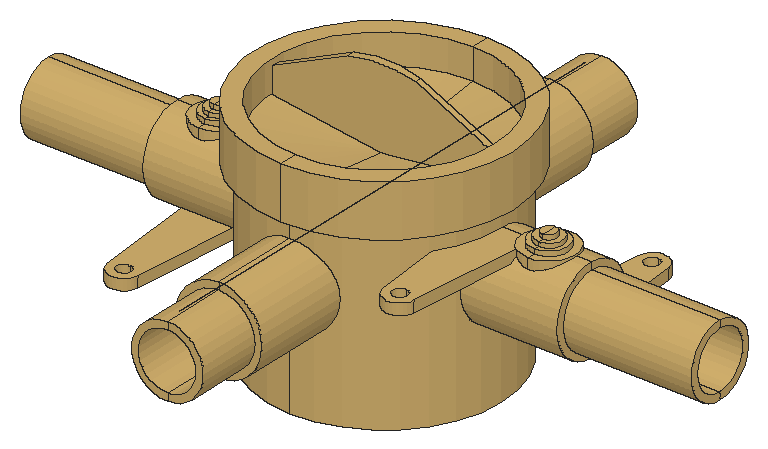
Revit family "Pressure_Balance_Rough_Valve-GROHE-35113000", category Plumbing Fixtures, host Face, Revit 2016
Family settings
  Host = Face
  Part Type = Normal
  Round Connector Dimension = Use Diameter
  OmniClass Number = 23.45.05.14.17
  OmniClass Title = Showers
  Cut with Voids When Loaded = Yes
  Shared = Yes
  Room Calculation Point = No
Parameters (values of type "GROHSAFE 3.0 - 35113000 1/2" Stub-out  Inlet/Outlet")
  Water Connection Diameter = 1/2"  # constant formula
  Waste Connection = no
  Warranty Information = ""
  WFU = 4  # constant formula
  Vent Connection = no
  URL = "www.grohe.ca"
  Type Comments = ""
  Specification = " 1/2in Stub-out inlets/outlets; Includes plug for 3-port installation; Universal connection is 1/2” male threads by copper sweat; Flush plug included; Can be tested using flush plug with air (200 psi) or water 300 psi; Made of DZR Brass; Service stops; Cartridge ships with the trim"  # constant formula
  Shower Outlet To Spout Outlet Width = 3 5/8"  # constant formula
  ScrewDriver Stop = yes
  Product Page URL = ""
  Product Documentation Link = ""
  Price = "Prices may vary. Please consult Manufacturer Representative for most up-to-date price list."  # constant formula
  Plaster Guard = yes
  Outlet to Wall = 2"
  Outlet to Outlet = 4 3/4"
  Outlet To Center = Shower Outlet To Spout Outlet Width / 2  # 1 13/16"
  Model = "35113000"  # constant formula
  Material = "DZR_Brass-Grohe"
  Manufacturer = "Grohe"  # constant formula
  Installation Type = "Wall Mounted"  # constant formula
  Inlet to Wall = 1"
  Inlet To Center = Hot Inlet To Cold Inlet Width / 2  # 2 15/16"
  Hot Inlet To Cold Inlet Width = 5 7/8"
  HWFU = 3  # constant formula
  HW Connection = yes
  Finish = DZR_Brass-Grohe
  Description = "Pressure Balance Valve Rough with Stub-Outs for Press-Fit Connect with Service Stops"  # constant formula
  Dept From Wall Face To Outlet = if(Outlet to Wall < 1 3/4", 1 3/4", if(Outlet to Wall > 2 3/4", 2 3/4", Outlet to Wall))  # 2"
  Dept From Wall Face To COFC = if(Inlet to Wall < 7/8", 7/8", if(Inlet to Wall > 2", 2", Inlet to Wall))  # 1"
  Default Elevation = 0"  # constant formula
  Creation Date = "03/20/2020"  # constant formula
  Connection Size = 1/2"  # constant formula
  Connection Outlet Description = "1/2\" Stub-out Connection Outlet"
  Connection HW Inlet Description = "1/2” Stub-out Connection Inlet"
  Connection CW Inlet Description = "1/2” Stub-out Connection Inlet"
  CWFU = 3  # constant formula
  CW Connection = yes
  Assembly Code = "D2020300"
Reference planes (in)
  plane 1 "Center (Front/Back)": y = -0.625
  plane 2: z = 0
  plane 3 "Center (Left/Right)": x = 0
  plane 4: z = -0.45494
  plane 5: y = -0.59375
  plane 6: y = -0.65625
  plane 7: y = -2.4375
  plane 8: y = 1.1875
  plane 9: z = -2
  plane 10: z = -1
  plane 11: x = 1.03125
  plane 12: x = -1.03125
  plane 13: x = 2.4375
  plane 14: x = -2.4375
  plane 15: z = -1.28125
Forms (in)
  Extrusion 1, solid
    sketch origin (0, 0, 0) x (1, 0, 0) y (0, 1, 0)
      loop
        line (-0.12634, -0.50696) -> (-0.12634, -0.76768) -> (0.16418, -0.76768) -> (0.16418, -0.50696) -> (-0.12634, -0.50696)
    from -0.69087 to -0.7969
  Revolve 2, solid, material "DZR_Brass-Grohe"
    sketch origin (0, 0, 0) x (0, 1, 0) y (0, 0, 1)
      loop
        line (0.40625, -2) -> (0.40625, -0.45494) -> (0.5046, -0.45494) -> (0.5046, 0) -> (0.34375, 0) -> (0.34375, -0.26863) -> (-0.625, -0.39363) -> (-0.625, -0.51744) -> (0.34375, -0.51744) -> (0.34375, -1.9375) -> (-0.625, -1.9375) -> (-0.625, -2) -> (0.40625, -2)
      axis (-0.625, 0) -> (-0.625, -2)
    angle from 0 to 360
  Extrusion 3, solid, material "DZR_Brass-Grohe"
    sketch origin (0, 1.1875, -0.72266) x (0, 1, 0) y (-1, 0, 0)
      loop
        line (-0.63558, 1.20343) -> (-1.8125, 1.31847) -> (-1.8125, 0.81724) -> (-0.63558, 0.93227)
        arc (-0.63558, 0.93227) -> (-0.5126, 1.06785) -> (-0.63558, 1.20343) r 0.13623
      loop
        circle (-0.64883, 1.06785) r 0.06518
      loop
        line (-2.98942, -1.20343) -> (-1.8125, -1.31847) -> (-1.8125, -0.81724) -> (-2.98942, -0.93227)
        arc (-2.98942, -0.93227) -> (-3.1124, -1.06785) -> (-2.98942, -1.20343) r 0.13623
      loop
        circle (-2.97617, -1.06785) r 0.06518
    from 0.00391 to 0.09918
  Extrusion 4, solid, material "DZR_Brass-Grohe", visible <- "Plaster Guard"
    sketch origin (0, -5.06165, -2.01731) x (0, -1, 0) y (1, 0, 0)
      loop
        arc (-3.25973, -1.48468) -> (-3.13676, -1.3491) -> (-3.25973, -1.21352) r 0.13623
        line (-3.25973, -1.21352) -> (-4.43665, -1.09849) -> (-4.43665, -1.59972) -> (-3.25973, -1.48468)
      loop
        circle (-3.27298, -1.3491) r 0.06518
      loop
        arc (-5.61357, 1.54718) -> (-5.73655, 1.4116) -> (-5.61357, 1.27602) r 0.13623
        line (-5.61357, 1.27602) -> (-4.43665, 1.16099) -> (-4.43665, 1.66222) -> (-5.61357, 1.54718)
      loop
        circle (-5.60032, 1.4116) r 0.06518
    from 0.64201 to 0.73606
  Extrusion 5, solid, material "DZR_Brass-Grohe"
    sketch origin (0, -0.625, 0) x (1, 0, 0) y (0, 0, 1)
      loop
        line (1.06785, -0.45494) -> (1.06785, -0.09479) -> (0.29629, 0.26499)
        arc (0.29629, 0.26499) -> (0, 0.30738) -> (-0.29629, 0.26499) r 1.05669
        line (-0.29629, 0.26499) -> (-1.06785, -0.09479) -> (-1.06785, -0.45494) -> (1.06785, -0.45494)
    from -0.03125 to 0.03125
  Revolve 6, solid, material "DZR_Brass-Grohe", visible <- "ScrewDriver Stop"
    sketch origin (-1.44285, -0.65886, 48.30811) x (0, -1, 0) y (0, 0, 1)
      loop
        line (-0.03386, -49.02686) -> (0.19474, -49.02686) -> (0.19474, -48.92634) -> (0.12322, -48.92634) -> (0.12322, -48.88633) -> (0.07947, -48.88633) -> (0.07947, -48.85147) -> (0.03078, -48.85147) -> (0.03078, -48.81592) -> (-0.03386, -48.81592) -> (-0.03386, -49.02686)
      axis (-0.03386, -49.02686) -> (-0.03386, -48.81592)
    angle from 0 to 360
  Revolve 7, solid, material "DZR_Brass-Grohe", visible <- "ScrewDriver Stop"
    sketch origin (1.44285, 2.2913, 48) x (0, 1, 0) y (0, 0, 1)
      loop
        line (-2.9163, -48.71875) -> (-2.9163, -48.50853) -> (-2.98094, -48.50853) -> (-2.98094, -48.54408) -> (-3.03483, -48.54408) -> (-3.03483, -48.57894) -> (-3.07858, -48.57894) -> (-3.07858, -48.61895) -> (-3.1501, -48.61895) -> (-3.1501, -48.71875) -> (-2.9163, -48.71875)
      axis (-2.9163, -48.71875) -> (-2.9163, -48.50853)
    angle from 0 to 360
  Revolve 8, solid, material "DZR_Brass-Grohe"
    sketch origin (0, -0.625, 0) x (1, 0, 0) y (0, 0, 1)
      loop
        line (2.9375, -0.75) -> (2.9375, -0.6875) -> (1.8125, -0.6875) -> (1.8125, -0.625) -> (-1.8125, -0.625) -> (-1.8125, -0.6875) -> (-2.9375, -0.6875) -> (-2.9375, -0.75) -> (2.9375, -0.75)
      axis (2.9375, -1) -> (-2.9375, -1)
    angle from 0 to 360
  Revolve 9, solid, material "DZR_Brass-Grohe"
    sketch origin (0, -0.625, 0) x (0, 1, 0) y (0, 0, 1)
      loop
        line (2.375, -0.75) -> (2.375, -0.6875) -> (1.8125, -0.6875) -> (1.8125, -0.625) -> (-1.8125, -0.625) -> (-1.8125, -0.6875) -> (-2.375, -0.6875) -> (-2.375, -0.75) -> (2.375, -0.75)
      axis (2.375, -1) -> (-2.375, -1)
    angle from 0 to 360
  Extrusion 10, void
    sketch origin (0, 1.1875, -0.72266) x (0, 1, 0) y (-1, 0, 0)
      loop
        circle (-1.8125, 0) r 2
    from -2.58468 to 0.72266
Cuts and joins
  joined: Extrusion 3, Extrusion 5
Lines and regions (in)
  Masking region 1
    outline origin (0, -0.625, 0) x (1, 0, 0) y (0, 0, 1)
      loop
        arc (0.29629, 0.26499) -> (0, 0.30738) -> (-0.29629, 0.26499) r 1.05669
        line (-0.29629, 0.26499) -> (-0.86457, 0) -> (-1.1296, 0) -> (-1.1296, -0.45494) -> (-1.03125, -0.45494) -> (-1.03125, -0.61895) -> (-1.28057, -0.61895) -> (-1.28057, -0.45494) -> (-1.6771, -0.45494) -> (-1.6771, -0.625) -> (-1.8125, -0.625) -> (-1.8125, -0.6875) -> (-2.9375, -0.6875) -> (-2.9375, -1.3125) -> (-1.8125, -1.3125) -> (-1.8125, -1.37572) -> (-1.03179, -1.37572) -> (-1.03179, -2.00439) -> (0, -2.00439) -> (1.03179, -2.00439) -> (1.03179, -1.37572) -> (1.8125, -1.37572) -> (1.8125, -1.3125) -> (2.9375, -1.3125) -> (2.9375, -0.6875) -> (1.8125, -0.6875) -> (1.8125, -0.625) -> (1.6771, -0.625) -> (1.6771, -0.45494) -> (1.28057, -0.45494) -> (1.28057, -0.61895) -> (1.03125, -0.61895) -> (1.03125, -0.45494) -> (1.1296, -0.45494) -> (1.1296, 0) -> (0.86457, 0) -> (0.29629, 0.26499)
  Masking region 2
    outline origin (0, 0, 0) x (0, 1, 0) y (0, 0, 1)
      loop
        line (0.5046, 0) -> (-0.59375, 0) -> (-0.59375, 0.30738) -> (-0.65625, 0.30738) -> (-0.65625, 0) -> (-1.7546, 0) -> (-1.7546, -0.45494) -> (-1.65625, -0.45494) -> (-1.65625, -0.62347) -> (-2.4375, -0.62347) -> (-2.4375, -0.6875) -> (-3, -0.6875) -> (-3, -1.3125) -> (-2.4375, -1.3125) -> (-2.4375, -1.3753) -> (-1.65625, -1.3753) -> (-1.65625, -2) -> (0.40625, -2) -> (0.40625, -1.3753) -> (1.1875, -1.3753) -> (1.1875, -1.3125) -> (1.75, -1.3125) -> (1.75, -0.6875) -> (1.1875, -0.6875) -> (1.1875, -0.62347) -> (0.40625, -0.62347) -> (0.40625, -0.45494) -> (0.5046, -0.45494) -> (0.5046, 0)
  symbolic lines, detail levels fine
    curve 1: line (0.86457, -0.625, 0) -> (-0.86457, -0.625, 0)
    curve 2: line (1.1296, -0.625, -0.45494) -> (0, -0.625, -0.45494)
    curve 3: line (0, -0.625, -0.45494) -> (-1.1296, -0.625, -0.45494)
    curve 4: circle (0, -0.625, -1) r 0.3125 normal (0, -1, 0)
    curve 5: circle (0, -0.625, -1) r 0.25 normal (0, -1, 0)
    curve 6: line (1.8125, -0.625, -0.625) -> (1.8125, -0.625, -1.375)
    curve 7: line (-1.8125, -0.625, -0.625) -> (-1.8125, -0.625, -1.375)
    curve 8: circle (0, -0.625, -1) r 0.375 normal (0, -1, 0)
    curve 9: line (0, 0.5046, -0.45494) -> (0, -1.7546, -0.45494)
    curve 10: circle (0, -0.625, -1) r 0.3125 normal (-1, 0, 0)
    curve 11: arc (0, -0.625, -0.75) -> (0, -0.375, -1) -> (0, -0.625, -1.25) r 0.25
    curve 12: circle (0, -0.625, -1) r 0.375 normal (-1, 0, 0)
    curve 13: line (0, -2.4375, -0.625) -> (0, -2.4375, -1.375)
    curve 14: line (0, 1.1875, -0.625) -> (0, 1.1875, -1.375)
    curve 15: circle (0, -0.625, -1) r 0.25 normal (-1, 0, 0)
Dimensions and locks (in)
  locked: Revolve 2 sketch curve to Revolve 2 sketch curve at 0.0625
  locked: cut or joined group of Extrusion 3, Extrusion 5 to cut or joined group of Extrusion 3, Extrusion 5 at 0.09528
  locked: Extrusion 4 to Extrusion 4 at 0.09405
  plane 4 to level = 0.45494"
  Revolve 6 sketch curve to Revolve 6 sketch curve to Revolve 6 sketch curve to Revolve 6 sketch curve = 0.03555" locked, 0.03486" locked, 0.04" locked
  Revolve 6 sketch curve to Revolve 6 sketch curve to Revolve 6 sketch curve to Revolve 6 sketch curve to Revolve 6 sketch curve = 0.06464" locked, 0.04869", 0.04375" locked, 0.07151" locked
  Revolve 7 sketch curve to Revolve 7 sketch curve to Revolve 7 sketch curve to Revolve 7 sketch curve to Revolve 7 sketch curve = 0.03555" locked, 0.03486" locked, 0.04" locked, 0.0998" locked
  Revolve 7 sketch curve to Revolve 7 sketch curve to Revolve 7 sketch curve to Revolve 7 sketch curve to Revolve 7 sketch curve = 0.06464" locked, 0.0539" locked, 0.04375" locked, 0.07151" locked
  Revolve 2 sketch curve to Revolve 2 sketch curve to Revolve 2 sketch curve to plane 1 "Center (Front/Back)" = 0.09835" locked, 1/16" locked, 31/32" locked
  Revolve 2 sketch curve to Revolve 2 sketch curve to Revolve 2 sketch curve = 1/16" locked, 0.45494"
  equal spacing: plane 8, plane 1 "Center (Front/Back)", plane 7
  Revolve 8 sketch curve to plane 13 = 5/8"
  plane 14 to Revolve 8 sketch curve = 5/8"
  locked: Revolve 8 sketch curve to Revolve 8 sketch curve at 0.0625
  locked: Revolve 9 sketch curve to Revolve 9 sketch curve at 0.0625
  "Dept From Wall Face To Outlet": level to plane 9
  "Dept From Wall Face To COFC": level to plane 10
  level to plane 10 = 1"
  plane 6 to plane 7 = 1 25/32"
  Extrusion 4 to Extrusion 4 = 0.09405"
  Revolve 7 sketch curve to Revolve 7 sketch curve = 0.21022"
  locked: plane 10 to plane 15 at 0.28125
  locked: cut or joined group of Extrusion 3, Extrusion 5 to plane 10 at 0.28125
  "Hot Inlet To Cold Inlet Width": Revolve 8 sketch curve to Revolve 8 sketch curve
  equal spacing: Revolve 8 sketch curve, plane 3 "Center (Left/Right)", Revolve 8 sketch curve
  "Outlet to Outlet": Revolve 9 sketch curve to Revolve 9 sketch curve
  equal spacing: Revolve 9 sketch curve, plane 1 "Center (Front/Back)", Revolve 9 sketch curve
  aligned and locked: plane 1 "Center (Front/Back)" to Revolve 2 sketch curve
  aligned and locked: Revolve 2 sketch curve to plane 1 "Center (Front/Back)"  (x2)
  aligned and locked: plane 1 "Center (Front/Back)" to Extrusion 3 sketch curve
  aligned and locked: Extrusion 5 to plane 5
  aligned and locked: Revolve 2 sketch curve to Revolve 2 sketch curve
  aligned and locked: Revolve 2 to curve 1
  aligned and locked: plane 10 to Revolve 8 sketch curve
  aligned and locked: Revolve 9 sketch curve to plane 10
  aligned and locked: Revolve 2 sketch curve to plane 9
  aligned and locked: plane 7 to Revolve 9 sketch curve
  aligned and locked: plane 4 to Revolve 2 sketch curve
  aligned and locked: Extrusion 4 to plane 15
  aligned and locked: Revolve 6 sketch curve to plane 1 "Center (Front/Back)"
  aligned and locked: plane 1 "Center (Front/Back)" to Revolve 6 sketch curve
  aligned and locked: Revolve 7 sketch curve to cut or joined group of Extrusion 3, Extrusion 5
  aligned and locked: cut or joined group of Extrusion 3, Extrusion 5 to Revolve 6 sketch curve
  aligned and locked: level to Extrusion 10
  aligned and locked: Revolve 6 to cut or joined group of Extrusion 3, Extrusion 5
  aligned and locked: Masking region 1 sketch curve to cut or joined group of Extrusion 3, Extrusion 5  (x2)
  aligned and locked: cut or joined group of Extrusion 3, Extrusion 5 to Masking region 1 sketch curve
  aligned and locked: Extrusion 10 to Masking region 1 sketch curve
  aligned and locked: Masking region 1 sketch curve to Revolve 7
  aligned and locked: curve 4 to Revolve 9
  aligned and locked: curve 5 to Revolve 9
  aligned and locked: curve 6 to Revolve 8
  aligned and locked: curve 7 to Revolve 8
  aligned and locked: curve 8 to Revolve 9
  aligned and locked: Masking region 1 sketch curve to Revolve 8  (x2)
  aligned and locked: Masking region 2 sketch curve to Revolve 2  (x7)
  aligned and locked: Masking region 2 sketch curve to Revolve 9  (x4)
  aligned and locked: Masking region 2 sketch curve to cut or joined group of Extrusion 3, Extrusion 5
  aligned and locked: Masking region 2 sketch curve to Extrusion 4
  aligned and locked: curve 9 to Revolve 2
  aligned and locked: curve 10 to Revolve 8
  aligned and locked: curve 11 to Revolve 8
  aligned and locked: curve 12 to Revolve 8
  aligned and locked: curve 13 to Revolve 9
  aligned and locked: curve 14 to Revolve 9
Automatic sketch dimensions
  Extrusion 1 sketch curve to Extrusion 1 sketch curve = 0.29052"
  Extrusion 1 sketch curve to Extrusion 1 sketch curve = 0.26072"
  Extrusion 3 sketch curve to Extrusion 3 sketch curve = 0"  (x4)
  plane 1 "Center (Front/Back)" to Extrusion 3 sketch curve = 0"
  Extrusion 3 sketch curve to plane 11 = 0.0366"
  plane 7 to Extrusion 3 sketch curve = 0.64883"
  Extrusion 3 sketch curve to plane 11 = 0.17218"
  Extrusion 3 sketch curve to Extrusion 3 sketch curve = 0.01325"  (x2)
  plane 11 to Extrusion 3 sketch curve = 0.09898"
  plane 12 to Extrusion 3 sketch curve = 0.0366"
  Extrusion 3 sketch curve to plane 8 = 0.64883"
  plane 12 to Extrusion 3 sketch curve = 0.17218"
  Extrusion 3 sketch curve to plane 12 = 0.09898"
  Extrusion 3 sketch curve to plane 11 = 0.28722"
  plane 11 to Extrusion 3 sketch curve = 0.21401"
  Extrusion 3 sketch curve to plane 12 = 0.21401"
  plane 12 to Extrusion 3 sketch curve = 0.28722"
  Extrusion 4 sketch curve to Extrusion 4 sketch curve = 0"  (x4)
  plane 1 "Center (Front/Back)" to Extrusion 4 sketch curve = 0"  (x2)
  Extrusion 4 sketch curve to plane 8 = 0.64883"
  Extrusion 4 sketch curve to Extrusion 4 sketch curve = 0.01325"  (x4)
  Extrusion 4 sketch curve to plane 11 = 0.24477"
  plane 12 to Extrusion 4 sketch curve = 0.31785"
  plane 7 to Extrusion 4 sketch curve = 0.64883"
  plane 12 to Extrusion 4 sketch curve = 0.18227"
  plane 12 to Extrusion 4 sketch curve = 0.56847"
  plane 12 to Extrusion 4 sketch curve = 0.06724"
  Extrusion 4 sketch curve to plane 11 = 0.12974"
  Extrusion 4 sketch curve to Extrusion 4 sketch curve = 0.13558"
  Extrusion 4 sketch curve to Extrusion 4 sketch curve = 0.50123"
  Extrusion 5 sketch curve to plane 4 = 0"
  Extrusion 5 sketch curve to plane 3 "Center (Left/Right)" = 0"
  Extrusion 5 sketch curve to plane 3 "Center (Left/Right)" = 0.29629"
  plane 12 to Extrusion 5 sketch curve = 0.0366"
  plane 3 "Center (Left/Right)" to Extrusion 5 sketch curve = 0.29629"
  Extrusion 5 sketch curve to plane 11 = 0.0366"
  Extrusion 5 sketch curve to plane 4 = 0.29438"
  Extrusion 5 sketch curve to level = 0.09479"  (x2)
  level to Extrusion 5 sketch curve = 0.26499"
  Revolve 7 sketch curve to plane 1 "Center (Front/Back)" = 0"  (x2)
  Revolve 7 sketch curve to plane 4 = 0.02304"
  plane 4 to Revolve 7 sketch curve = 0.02126"
  plane 4 to Revolve 2 sketch curve = 0.06131"
  plane 4 to Revolve 2 sketch curve = 0.18631"
  level to Revolve 2 sketch curve = 0.24949"
  Revolve 2 sketch curve to Revolve 2 sketch curve = 0.17262"
  Revolve 6 sketch curve to Revolve 6 sketch curve = 0.10053"
  Revolve 6 sketch curve to level = 0.16986"
  Revolve 6 sketch curve to Revolve 6 sketch curve = 0.0443"
  plane 1 "Center (Front/Back)" to Extrusion 10 sketch curve = 0"
  Extrusion 10 sketch curve to plane 3 "Center (Left/Right)" = 0"
  curve 3 to plane 4 = 0"
  curve 1 to level = 0"
  curve 3 to plane 3 "Center (Left/Right)" = 0"
  plane 12 to curve 3 = 0.09835"
  curve 1 to plane 12 = 0.16668"
  plane 11 to curve 1 = 0.16668"
  curve 2 to plane 11 = 0.09835"
  curve 7 to plane 15 = 3/32"
  curve 6 to plane 15 = 3/32"
  Masking region 1 sketch curve to plane 4 = 0"  (x4)
  Masking region 1 sketch curve to level = 0"
  plane 12 to Masking region 1 sketch curve = 0"
  Masking region 1 sketch curve to plane 3 "Center (Left/Right)" = 0"
  plane 11 to Masking region 1 sketch curve = 0"
  Masking region 1 sketch curve to plane 15 = 1/32"  (x2)
  Masking region 1 sketch curve to plane 14 = 5/8"  (x2)
  Masking region 1 sketch curve to plane 4 = 0.17006"
  Masking region 1 sketch curve to Masking region 1 sketch curve = 0.1354"  (x2)
  Masking region 1 sketch curve to Masking region 1 sketch curve = 0.24932"
  plane 12 to Masking region 1 sketch curve = 0.09835"
  plane 12 to Masking region 1 sketch curve = 0.00054"
  Masking region 1 sketch curve to plane 11 = 0.00054"
  Masking region 1 sketch curve to plane 11 = 0.09835"
  Masking region 1 sketch curve to Masking region 1 sketch curve = 0.15097"
  Masking region 1 sketch curve to plane 4 = 0.23256"
  Masking region 1 sketch curve to Masking region 1 sketch curve = 0.53193"
  plane 13 to Masking region 1 sketch curve = 5/8"
  Masking region 1 sketch curve to plane 15 = 0.09447"  (x2)
  Masking region 1 sketch curve to plane 9 = 0.00439"
  Masking region 1 sketch curve to Masking region 1 sketch curve = 1/16"  (x2)
  Masking region 1 sketch curve to plane 4 = 0.16401"
  curve 6 to plane 4 = 0.17006"
  curve 7 to plane 4 = 0.17006"
  Masking region 2 sketch curve to plane 7 = 0"
  Masking region 2 sketch curve to plane 6 = 0"
  Masking region 2 sketch curve to plane 5 = 0"
  Masking region 2 sketch curve to plane 8 = 0"
  Masking region 2 sketch curve to plane 4 = 0"
  Masking region 2 sketch curve to level = 0"
  Masking region 2 sketch curve to Masking region 2 sketch curve = 0"  (x2)
  Masking region 2 sketch curve to plane 15 = 0.09405"
  Masking region 2 sketch curve to plane 15 = 1/32"  (x2)
  Masking region 2 sketch curve to plane 4 = 0.23256"
  Masking region 2 sketch curve to Masking region 2 sketch curve = 0.06403"  (x2)
  Masking region 2 sketch curve to Masking region 2 sketch curve = 0.30738"
  curve 10 to curve 15 = 0"  (x2)
  plane 7 to curve 9 = 0.6829"
  curve 9 to plane 8 = 0.6829"
  curve 13 to plane 15 = 3/32"
  curve 14 to plane 15 = 3/32"
  curve 14 to plane 4 = 0.17006"
  curve 13 to plane 4 = 0.17006"
  plane 10 to Revolve 8 sketch curve = 1/4"
  Revolve 8 sketch curve to Revolve 8 sketch curve = 1/16"  (x2)
  Revolve 8 sketch curve to Revolve 8 sketch curve = 0.03496"
  plane 14 to Revolve 8 sketch curve = 0.01756"
  Revolve 9 sketch curve to plane 8 = 0"
  plane 10 to Revolve 9 sketch curve = 1/4"
  Revolve 9 sketch curve to Revolve 9 sketch curve = 1/16"  (x2)
  Revolve 9 sketch curve to Revolve 9 sketch curve = 0.01756"
  Revolve 9 sketch curve to Revolve 9 sketch curve = 0.44748"
  radius of Extrusion 3 sketch curve = 0.06518"  (x2)
  radius of Extrusion 4 sketch curve = 0.06518"  (x2)
  radius of Extrusion 10 sketch curve = 2"
  radius of curve 15 = 1/4"
Connectors (in)
  piping at (0, -3, -1), diameter 0.5, driven by "Connection Outlet Description", driven by "Connection Size"
    settings: on Revolve 9, index 1, connector inside diameter 24", connector length 0", flow factor 0, pipe flow 0 GPM, pressure drop 0.00 psi, fitting loss kfactor 0, connector angle 0.00°, fixture units 0, engagement length 0", angle of deflection 0.00°, flow configuration 2, flow direction 2, fitting loss method 0, system type 7, joint type 0, gender type 0, connector reference index -1, connector utility 0, adjustable connector no, is connector primary yes, connector description "1/2\" Stub-out Connection Outlet"
  piping at (0, 1.75, -1), diameter 0.5, driven by "Connection Outlet Description", driven by "Connection Size"
    settings: on Revolve 9, index 2, connector inside diameter 24", connector length 0", flow factor 0, pipe flow 0 GPM, pressure drop 0.00 psi, fitting loss kfactor 0, connector angle 0.00°, fixture units 0, engagement length 0", angle of deflection 0.00°, flow configuration 2, flow direction 2, fitting loss method 0, system type 7, joint type 0, gender type 0, connector reference index -1, connector utility 0, adjustable connector no, is connector primary no, connector description "1/2\" Stub-out Connection Outlet"
  piping at (-2.9375, -0.625, -1), diameter 0.5, driven by "Connection HW Inlet Description", driven by "Connection Size"
    settings: on Revolve 8, index 3, connector inside diameter 24", connector length 0", flow factor 0, pipe flow 0 GPM, pressure drop 0.00 psi, fitting loss kfactor 0, connector angle 0.00°, fixture units 0, engagement length 0", angle of deflection 0.00°, flow configuration 2, flow direction 1, fitting loss method 0, system type 19, joint type 0, gender type 0, connector reference index -1, connector utility 0, adjustable connector no, is connector primary no, connector description "1/2” Stub-out Connection Inlet"
  piping at (2.9375, -0.625, -1), diameter 0.5, driven by "Connection CW Inlet Description", driven by "Connection Size"
    settings: on Revolve 8, index 4, connector inside diameter 24", connector length 0", flow factor 0, pipe flow 0 GPM, pressure drop 0.00 psi, fitting loss kfactor 0, connector angle 0.00°, fixture units 0, engagement length 0", angle of deflection 0.00°, flow configuration 2, flow direction 1, fitting loss method 0, system type 20, joint type 0, gender type 0, connector reference index -1, connector utility 0, adjustable connector no, is connector primary no, connector description "1/2” Stub-out Connection Inlet"
